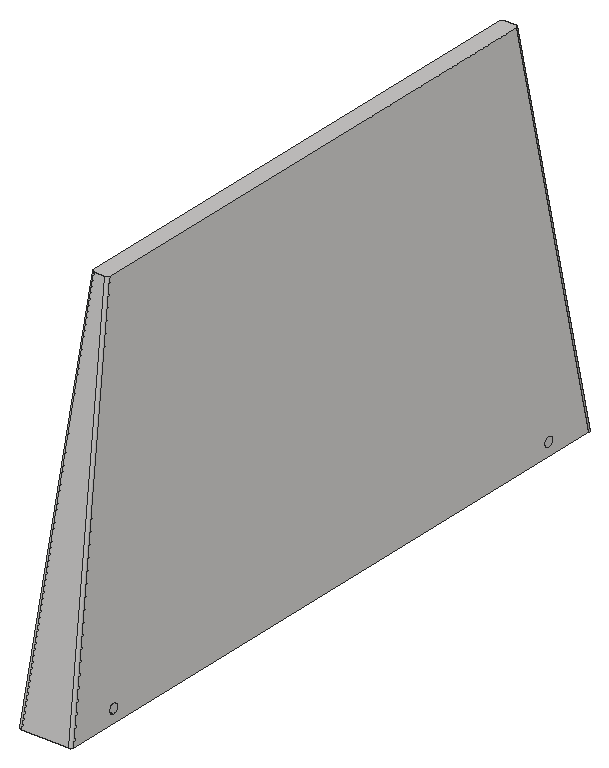
Revit family "PRD_FrankeWS_UrnlDvdrs_CampusUrinalDivider_CMPX700", category Furniture, host Face, Revit 2018
Family settings
  Host = Face
  OmniClass Number = 23.40.20.21
  OmniClass Title = Toilet and Bath Specialties
  Cut with Voids When Loaded = No
  Shared = No
  Room Calculation Point = No
Parameters (values of type "CMPX700")
  WarrantyStartDate [instance] = "1900-12-31T23:59:59"
  WarrantyGuarantorParts = "n/a"
  WarrantyGuarantorLabor = "n/a"
  WarrantyDurationUnit = "year"
  WarrantyDurationParts = "n/a"
  WarrantyDurationLabor = "n/a"
  WarrantyDescription = "n/a"
  Version = "1"
  Uniclass2015Version = "Products v1.5"
  Uniclass2015Title = "Urinal divider"
  Uniclass2015Code = "Pr_40_20_93_74"
  URL = "www.kwc.com"
  TypeOfMounting = "Wall mounting"
  TagNumber [instance] = "n/a"
  SustainabilityPerformance = "n/a"
  Style = "Urinal divider"
  Size = "60 x 740 x 440 mm"
  Shape = "n/a"
  SerialNumber [instance] = "n/a"
  Revision = "n/a"
  ReplacementCost = "n/a"
  ProductInformation = "https://pim.kwc.com/product/2000056977/attachment/datasheet?locale=en"
  NominalWidth = 60.00 mm
  NominalLength = 60.00 mm
  NominalHeight = 740.00 mm
  NominalDepth = 440.00 mm
  Name = "CAMPUS urinal divider CMPX700"
  NBSTypeID = "n/a"
  NBSReference = "45-35-70/358"
  NBSOfficeMasterTag = "n/a"
  NBSNote = "n/a"
  NBSDescription = "Urinal divider"
  NBSCertification = "n/a"
  ModelReference = "CMPX700"
  ModelNumber = "2000056977"
  Model = ModelReference  # "CMPX700"
  MaterialsBody = "Stainless steel 1.4301"
  MaterialFinish = "Satin finished"
  Material = "Stainless steel"
  ManufacturerURL = "www.kwc.com"
  ManufacturerName = "KWC Group AG"  # constant formula
  Manufacturer = ManufacturerName  # "KWC Group AG"
  MainColor = "Stainless steel"
  InstallationDate [instance] = "1900-12-31T23:59:59"
  IfcExportType = "NOTDEFINED"
  IfcExportAs = "IfcFurnitureType"
  Grade = "n/a"
  Finish = "Satin finished"
  Features = "stainless steel, 2.00 mm, textured, wall mounting, 60x740x440 mm (WxHxD)"
  ExpectedLife = "n/a"
  DurationUnit = "year"
  DividerMaterial = PRD_AR_StainlessSteel_SatinFinished
  Description = "Urinal divider for wall mounting, stainless steel, surface satin finished with WL5 1 mm structure, material thickness 2 mm, hidden wall mounting, included screws and dowels."
  Default Elevation = 1200.00 mm
  Constituents = "n/a"
  Color = "Stainless steel"
  CodePerformance = "n/a"
  Category = "Pr_40_20_93_74, Urinal dividers"
  BarCode [instance] = "n/a"
  BIMObjectName = "PRD_AR_UrinalDividers_CampusUrinalDivider_CMPX700"
  Author = "Archispace"  # constant formula
  AssetType = "Fixed"
  AssetIdentifier [instance] = "n/a"
  AccessibilityPerformance = "n/a"
Reference planes
  plane 1 "Center (Front/Back)": y = 0
  plane 2: z = 0
  plane 3 "Center (Left/Right)": x = 0
Forms (mm)
  Blend 1, solid, material "PRD_AR_StainlessSteel_SatinFinished" <- "DividerMaterial", detail levels fine
    base sketch origin (0, 0, 0) x (1, 0, 0) y (0, 1, 0)
      loop
        arc (-30, -737) -> (-29.121, -739.121) -> (-27, -740) r 3
        line (-27, -740) -> (27, -740)
        arc (27, -740) -> (29.121, -739.121) -> (30, -737) r 3
        line (30, -737) -> (30, -3)
        arc (30, -3) -> (29.121, -0.879) -> (27, 0) r 3
        line (27, 0) -> (-27, 0)
        arc (-27, 0) -> (-29.121, -0.879) -> (-30, -3) r 3
        line (-30, -3) -> (-30, -737)
    top sketch origin (0, 0, 0) x (1, 0, 0) y (0, 1, 0)
      loop
        line (6.5, -77.5) -> (-6.5, -77.5)
        arc (-6.5, -77.5) -> (-8.621, -78.379) -> (-9.5, -80.5) r 3
        line (-9.5, -80.5) -> (-9.5, -659.5)
        arc (-9.5, -659.5) -> (-8.621, -661.621) -> (-6.5, -662.5) r 3
        line (-6.5, -662.5) -> (6.5, -662.5)
        arc (6.5, -662.5) -> (8.621, -661.621) -> (9.5, -659.5) r 3
        line (9.5, -659.5) -> (9.5, -80.5)
        arc (9.5, -80.5) -> (8.621, -78.379) -> (6.5, -77.5) r 3
    from 0 to 440
  Blend 2, solid, material "PRD_AR_StainlessSteel_SatinFinished" <- "DividerMaterial", detail levels coarse+medium
    base sketch origin (0, 0, 0) x (1, 0, 0) y (0, 1, 0)
      loop
        line (30, 0) -> (-30, 0) -> (-30, -740) -> (30, -740) -> (30, 0)
    top sketch origin (0, 0, 0) x (1, 0, 0) y (0, 1, 0)
      loop
        line (9.5, -77.5) -> (-9.5, -77.5) -> (-9.5, -662.5) -> (9.5, -662.5) -> (9.5, -77.5)
    from 0 to 440
  Extrusion 3, solid, material "PRD_AR_StainlessSteel_SatinFinished" <- "DividerMaterial", detail levels fine
    sketch origin (0, 0, 0) x (0, 1, 0) y (0, 0, 1)
      loop
        circle (-680, 15) r 5
      loop
        circle (-60, 15) r 5
    from -30 to 30
Cuts and joins
  joined: Blend 1, Extrusion 3
Lines and regions (mm)
  symbolic lines, detail levels fine
    curve 1: line (238, 0, 126.224) -> (-238, 0, 126.224)
    curve 2: line (-238, 0, 16) -> (238, 0, 16)
Dimensions and locks
  aligned and locked: plane 2 to host face
  aligned and locked: level to host face
